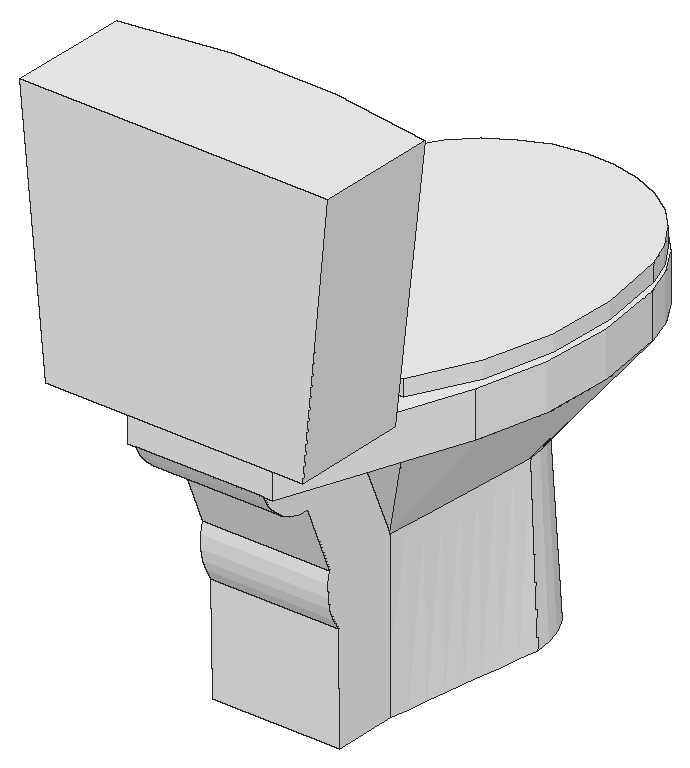
Revit family "Bacia_Com_Caixa", category Plumbing Fixtures, host Wall, Revit 2025
Family settings
  Host = Wall
  Round Connector Dimension = Use Diameter
  Part Type = Normal
  OmniClass Number = 23.45.00.00
  OmniClass Title = Sanitary, Laundry, and Cleaning Equipment
  Enable Cutting in Views = No
  Always vertical = Yes
  Cut with Voids When Loaded = No
  Maintain Annotation Orientation = No
  Shared = No
  Room Calculation Point = Yes
Parameters (values of type "Bacia_Com_Caixa")
  Versão = 1
  URL (Autor) = "N/A"
  Revisão = 0
  Desloca_Esgoto = 302 mm
  Desloca_Conexão_Agua = 150 mm
  Default Elevation = 0 mm
  Caixa = CT_Louças_Brancas
  Bacia = CT_Louças_Brancas
  Autor = "ABDI-MDIC"
  Altura_Conexão_Agua = 150 mm
Reference planes
  plane 1: y = 0
  plane 2 "Center (Left/Right)": x = 125
  plane 3 "FaceParede": y = 75
  plane 4: y = 375
Text (mm)
  text "Placement side" at (-1787.139, 592.35, 0), in view "Ref. Level"
  text "Placement side" at (0, 1827.695, 2917.686), in view "Left"
  text "Placement side" at (0, 562.268, 3853.606), in view "Right"
Dimensions and locks
  locked: plane 3 "FaceParede" to host wall
  "Altura_Conexão_Agua": level to connector elem
  "Desloca_Conexão_Agua": connector elem to plane 2 "Center (Left/Right)"
  locked: connector elem to plane 2 "Center (Left/Right)"
  "Desloca_Esgoto": connector elem to host wall
  aligned and locked: plane 1 to host wall
  aligned and locked: nested 1 to plane 2 "Center (Left/Right)"
  aligned and locked: nested 1 to level
Nested families
  nested 1: "bacia com caixa acoplada" at (125, 75, 0) x (-1, 0, 0) z (0, 1, 0), type "Bacia com Caixa Acoplada"
  nested 2: "assento" at (125, 285.625, 380) x (-1, 0, 0) z (0, 1, 0), type "Assento"
  nested 3: "caixa" at (120, 85, 380) x (-1, 0, 0) z (0, 1, 0), type "caixa"
    with Caixa CT_Louças_Brancas
Connectors
  piping at (275, 75, 150), diameter 15
    settings: on plane 3 "FaceParede", index 5, connector inside diameter 609.6 mm, connector length 0 mm, flow factor 0, pipe flow 0.0 L/s, pressure drop 0.0 Pa, fitting loss kfactor 0, connector angle 0.00°, fixture units 0, engagement length 0 mm, angle of deflection 0.00°, flow configuration 0, flow direction 0, fitting loss method 0, system type 7, joint type 0, gender type 0, connector reference index -1, connector utility 0, adjustable connector no, is connector primary yes, connector description ""
  piping at (125, 377, 0), diameter 100
    settings: index 6, connector inside diameter 609.6 mm, connector length 0 mm, flow factor 0, pipe flow 0.0 L/s, pressure drop 0.0 Pa, fitting loss kfactor 0, connector angle 0.00°, fixture units 0, engagement length 0 mm, angle of deflection 0.00°, flow configuration 0, flow direction 0, fitting loss method 0, system type 7, joint type 0, gender type 0, connector reference index -1, connector utility 0, adjustable connector no, is connector primary no, connector description ""
Definition of nested family "bacia com caixa acoplada"
  Parameters (values of type "Bacia com Caixa Acoplada")
    WFU = 0
    URL = ""
    Model = ""
    Manufacturer = ""
    Description = ""
    Default Elevation = 0 mm
    Caixa = none
    CWFU = 0
    Bacia = none
    Assembly Code = ""
  Reference planes
    plane 1 "Center (Front/Back)": y = 0
    plane 2: z = 0
    plane 3 "Center (Left/Right)": x = 0
    plane 4 "Top 1": y = 200
    plane 5: y = 0
    plane 6 "Front 2": z = 179.972
    plane 7 "Top 2": y = 380
    plane 8 "Left 1": x = -150
    plane 9 "Top 3": y = 743.012
    plane 10 "Left 2": x = -197.5
    plane 11 "Right 1": x = 197.5
    plane 12 "Front 4": z = 650
    plane 13 "Front 1": z = 10
    plane 14 "Front 3": z = 300
  Forms (mm)
    Extrusion 1, solid
      sketch origin (0, 0, 0) x (1, 0, 0) y (0, 1, 0)
        loop
          line (-360, 880) -> (-360, -168.512) -> (358.293, -168.512) -> (358.293, 880) -> (-360, 880)
      from 0 to -104.332
    Extrusion 2, solid, not visible
      sketch origin (0, 0, 0) x (1, 0, 0) y (0, 1, 0)
        loop
          circle (-150, 200) r 6.35
      from -5.491 to 0
    Blend 3, solid, material <- "Bacia"
      base sketch origin (0, 0, 67.5) x (1, 0, 0) y (0, 0, 1)
        loop
          line (-77.085, 168.189) -> (77.731, 168.189) -> (88.783, 368.189)
          arc (88.783, 368.189) -> (0, 453.826) -> (-88.783, 368.189) r 88.841
          line (-88.783, 368.189) -> (-77.085, 168.189)
      top sketch origin (0, 0, 67.5) x (1, 0, 0) y (0, 0, 1)
        loop
          line (-133.652, 115) -> (133.652, 115)
          arc (133.652, 115) -> (185.439, 274.944) -> (176.577, 442.83) r 462.076
          arc (176.577, 442.83) -> (0, 582.024) -> (-176.577, 442.83) r 181.597
          arc (-176.577, 442.83) -> (-185.439, 274.944) -> (-133.652, 115) r 462.076
      from -200 to -325
    Extrusion 4, solid, material <- "Bacia"
      sketch origin (0, 0, 65) x (1, 0, 0) y (0, 0, 1)
        loop
          line (-88.302, -21.612) -> (88.302, -21.612) -> (165.51, 190.929)
          arc (165.51, 190.929) -> (188.914, 317.352) -> (176.577, 445.33) r 462.076
          arc (176.577, 445.33) -> (0, 584.524) -> (-176.577, 445.33) r 181.597
          arc (-176.577, 445.33) -> (-188.914, 317.352) -> (-165.51, 190.929) r 462.076
          line (-165.51, 190.929) -> (-88.302, -21.612)
      from -380 to -325
    Extrusion 5, solid, material <- "Bacia"
      sketch origin (0, 0, 65) x (0, 1, 0) y (0, 0, 1)
        loop
          line (0, 95) -> (131.286, 92.337)
          arc (131.286, 92.337) -> (164.162, 78.039) -> (200, 78.98) r 82.785
          line (200, 78.98) -> (281.246, 46.155)
          arc (281.246, 46.155) -> (292.573, 5.459) -> (325, -21.612) r 71.045
          line (325, -21.612) -> (325, 117.5) -> (200, 170.689) -> (0, 170.689) -> (0, 95)
      from -77.102 to 77.652
    Blend 6, solid, material <- "Bacia"
      base sketch origin (0, 0, 65) x (1, 0, 0) y (0, 0, 1)
        loop
          line (77.731, 170.689) -> (105.192, 359.531)
          arc (105.192, 359.531) -> (0, 464.722) -> (-105.192, 359.531) r 105.192
          line (-105.192, 359.531) -> (-77.085, 170.689) -> (77.731, 170.689)
      top sketch origin (0, 0, 65) x (1, 0, 0) y (0, 0, 1)
        loop
          line (-77.085, 170.689) -> (77.731, 170.689) -> (88.783, 370.689)
          arc (88.783, 370.689) -> (0, 456.326) -> (-88.783, 370.689) r 88.841
          line (-88.783, 370.689) -> (-77.085, 170.689)
      from 0 to -200
    Extrusion 7, solid, material <- "Bacia", not visible
      sketch origin (0, 0, 0) x (1, 0, 0) y (0, 0, 1)
        loop
          circle (0, 300) r 50
      from 0 to -10.753
  Cuts and joins
    joined: Extrusion 5, Blend 6
  Lines and regions (mm)
    Masking region 1
      outline origin (0, -1000, 65) x (0, 1, 0) y (0, 0, 1)
        loop
          line (1000, 83.617) -> (1089.643, 83.617)
          arc (1089.643, 83.617) -> (1100.346, 84.44) -> (1110.798, 86.89) r 69.997
          arc (1110.798, 86.89) -> (1115.35, 88.664) -> (1119.636, 91.01) r 37.833
          arc (1119.636, 91.01) -> (1126.997, 93.148) -> (1134.358, 91.009) r 13.737
          arc (1134.358, 91.009) -> (1138.854, 87.942) -> (1143.409, 84.965) r 274.141
          arc (1143.409, 84.965) -> (1172.285, 73.876) -> (1203.192, 75.045) r 76.995
          arc (1203.192, 75.045) -> (1204.332, 75.155) -> (1205.457, 74.938) r 4
          line (1205.457, 74.938) -> (1288.231, 42.957)
          arc (1288.231, 42.957) -> (1290.404, 40.996) -> (1290.713, 38.086) r 4.094
          arc (1290.713, 38.086) -> (1301.753, -9.653) -> (1344.759, -33.135) r 59.833
          line (1344.759, -33.135) -> (1356.478, -33.712)
          arc (1356.478, -33.712) -> (1357.184, -33.799) -> (1357.869, -33.986) r 4.911
          line (1357.869, -33.986) -> (1374.738, -34.87)
          arc (1374.738, -34.87) -> (1378.138, -33.798) -> (1380, -30.759) r 5.089
          line (1380, -30.759) -> (1380, -39.352)
          arc (1380, -39.352) -> (1384.393, -49.959) -> (1395, -54.352) r 15
          line (1395, -54.352) -> (1702, -54.352)
          arc (1702, -54.352) -> (1704.179, -53.414) -> (1705.005, -51.186) r 3
          arc (1705.005, -51.186) -> (1706.055, -53.304) -> (1708.314, -54.004) r 3
          line (1708.314, -54.004) -> (1724.684, -52.283)
          arc (1724.684, -52.283) -> (1734.012, -47.625) -> (1738.102, -38.034) r 15.109
          arc (1738.102, -38.034) -> (1739.208, -14.467) -> (1739.843, 9.117) r 1181.252
          line (1739.843, 9.117) -> (1743.012, 9.117) -> (1743.012, 49.117) -> (1739.843, 49.117)
          arc (1739.843, 49.117) -> (1739.139, 74.511) -> (1737.89, 99.884) r 1181.252
          arc (1737.89, 99.884) -> (1733.758, 109.353) -> (1724.484, 113.904) r 15.001
          line (1724.484, 113.904) -> (1708.314, 115.604)
          arc (1708.314, 115.604) -> (1705.993, 114.85) -> (1705, 112.62) r 3
          line (1705, 112.62) -> (1705, 103.889)
          arc (1705, 103.889) -> (1704.137, 105.995) -> (1702.043, 106.889) r 3
          arc (1702.043, 106.889) -> (1547.993, 103.248) -> (1394.086, 95.688) r 6057.139
          arc (1394.086, 95.688) -> (1384.125, 91.563) -> (1379.999, 81.602) r 14.087
          line (1379.999, 81.602) -> (1379.999, 578.13)
          arc (1379.999, 578.13) -> (1379.603, 579.997) -> (1378.536, 581.58) r 5
          line (1378.536, 581.58) -> (1376.556, 583.561)
          arc (1376.556, 583.561) -> (1374.821, 584.679) -> (1372.782, 585) r 5
          line (1372.782, 585) -> (1327.409, 582.622)
          arc (1327.409, 582.622) -> (1325.614, 581.87) -> (1324.659, 580.175) r 3.001
          line (1324.659, 580.175) -> (1323.546, 573.864)
          arc (1323.546, 573.864) -> (1323.145, 572.811) -> (1322.384, 571.98) r 3
          line (1322.384, 571.98) -> (1315.324, 566.835)
          arc (1315.324, 566.835) -> (1270.818, 528.245) -> (1232.462, 483.537) r 400.003
          arc (1232.462, 483.537) -> (1230.577, 480.959) -> (1228.713, 478.366) r 400
          arc (1228.713, 478.366) -> (1215.458, 463.894) -> (1198.352, 454.277) r 62.136
          arc (1198.352, 454.277) -> (1181.419, 449.381) -> (1163.793, 449.455) r 61.918
          line (1163.793, 449.455) -> (1000, 468.117) -> (1000, 83.617)
    Masking region 2
      outline origin (0, 0, 179.972) x (1, 0, 0) y (0, 1, 0)
        loop
          arc (155.578, 393.059) -> (173.252, 547.202) -> (186.522, 701.786) r 5438.952
          arc (186.522, 701.786) -> (185.725, 704.044) -> (183.53, 705) r 3
          line (183.53, 705) -> (194.576, 705)
          arc (194.576, 705) -> (196.806, 705.993) -> (197.56, 708.314) r 3
          line (197.56, 708.314) -> (196.334, 719.973)
          arc (196.334, 719.973) -> (192.087, 728.948) -> (183.165, 733.303) r 15
          arc (183.165, 733.303) -> (101.636, 737.94) -> (20, 739.929) r 2516.009
          line (20, 739.929) -> (20, 743.012) -> (-20, 743.012) -> (-20, 739.931)
          arc (-20, 739.931) -> (-100.835, 737.981) -> (-181.567, 733.434) r 2516.009
          arc (-181.567, 733.434) -> (-190.989, 729.282) -> (-195.515, 720.033) r 15
          line (-195.515, 720.033) -> (-196.746, 708.314)
          arc (-196.746, 708.314) -> (-195.992, 705.993) -> (-193.763, 705) r 3
          line (-193.763, 705) -> (-184.068, 705)
          arc (-184.068, 705) -> (-186.269, 704.039) -> (-187.06, 701.772) r 3
          arc (-187.06, 701.772) -> (-173.302, 547.237) -> (-155.623, 393.102) r 6106.209
          arc (-155.623, 393.102) -> (-150.656, 383.742) -> (-140.743, 380) r 15
          line (-140.743, 380) -> (-181.066, 380)
          arc (-181.066, 380) -> (-182.779, 379.528) -> (-184.255, 378.539) r 5.554
          arc (-184.255, 378.539) -> (-185.234, 377.558) -> (-186.224, 376.57) r 593.562
          arc (-186.224, 376.57) -> (-187.365, 374.817) -> (-187.689, 372.75) r 5
          line (-187.689, 372.75) -> (-185.312, 327.406)
          arc (-185.312, 327.406) -> (-184.568, 325.61) -> (-182.879, 324.648) r 3
          arc (-182.879, 324.648) -> (-179.83, 324.105) -> (-176.794, 323.579) r 669.748
          arc (-176.794, 323.579) -> (-175.543, 323.054) -> (-174.651, 322.031) r 3
          arc (-174.651, 322.031) -> (-139.574, 267.717) -> (-96.715, 219.306) r 428.02
          arc (-96.715, 219.306) -> (-80.783, 194.863) -> (-76.267, 166.037) r 69.615
          line (-76.267, 166.037) -> (-95.192, 0) -> (95, 0) -> (76.075, 166.037)
          arc (76.075, 166.037) -> (80.59, 194.863) -> (96.523, 219.306) r 69.615
          arc (96.523, 219.306) -> (139.381, 267.717) -> (174.458, 322.031) r 428.02
          arc (174.458, 322.031) -> (175.35, 323.054) -> (176.602, 323.579) r 3
          arc (176.602, 323.579) -> (179.637, 324.105) -> (182.686, 324.648) r 669.748
          arc (182.686, 324.648) -> (184.375, 325.61) -> (185.12, 327.406) r 3
          line (185.12, 327.406) -> (187.496, 372.75)
          arc (187.496, 372.75) -> (187.172, 374.817) -> (186.031, 376.57) r 5
          arc (186.031, 376.57) -> (185.041, 377.558) -> (184.063, 378.539) r 593.562
          arc (184.063, 378.539) -> (182.587, 379.528) -> (180.874, 380) r 5.554
          line (180.874, 380) -> (140.551, 380)
          arc (140.551, 380) -> (150.455, 383.735) -> (155.427, 393.079) r 15
    Masking region 3
      outline origin (0, 200, 0) x (0, 0, 1) y (-1, 0, 0)
        loop
          arc (10.001, -162.6) -> (20.174, -187.163) -> (44.735, -197.342) r 34.742
          line (44.735, -197.342) -> (111.137, -197.358)
          arc (111.137, -197.358) -> (144.424, -185.807) -> (163.387, -156.111) r 53.701
          arc (163.387, -156.111) -> (164.716, -148.856) -> (165.981, -141.591) r 832.903
          line (165.981, -141.591) -> (328.613, -176.787)
          arc (328.613, -176.787) -> (354.757, -181.877) -> (381.09, -185.875) r 639.802
          arc (381.09, -185.875) -> (477.704, -184.405) -> (570.981, -159.188) r 389.344
          arc (570.981, -159.188) -> (592.976, -144.656) -> (610.428, -124.897) r 100.358
          arc (610.428, -124.897) -> (648.272, -3.946) -> (614.002, 118.066) r 222.696
          arc (614.002, 118.066) -> (595.485, 141.292) -> (570.981, 158.081) r 100.358
          arc (570.981, 158.081) -> (477.704, 183.298) -> (381.09, 184.768) r 389.344
          arc (381.09, 184.768) -> (354.757, 180.77) -> (328.613, 175.68) r 639.802
          line (328.613, 175.68) -> (165.811, 140.447)
          arc (165.811, 140.447) -> (164.24, 149.417) -> (162.571, 158.37) r 832.903
          arc (162.571, 158.37) -> (143.253, 186.404) -> (110.961, 197.189) r 53.701
          line (110.961, 197.189) -> (44.735, 197.173)
          arc (44.735, 197.173) -> (20.174, 186.994) -> (10.001, 162.43) r 34.742
          line (10.001, 162.43) -> (10.001, -162.6)
    symbolic lines
      curve 1: line (0, 380, 145.716) -> (0, 380, 35.648)
      curve 2: line (0, 705, 168.98) -> (0, 705, 13.98)
      curve 3: line (0, 67.98, 370.59) -> (0, 21.584, 366.557)
      curve 4: line (0, 35.078, 363.574) -> (0, 35.078, 354.298)
      curve 5: line (0, 290.808, 104.72) -> (0, 332.644, 241.559)
      curve 6: line (0, 362.026, 192.741) -> (0, 362.795, 91.146)
      curve 7: line (0, 327.452, 647.625) -> (0, 327.452, 332.625)
      curve 8: line (0, 739.843, 114.117) -> (0, 739.843, 74.117)
      curve 9: arc (0, 332.644, 241.559) -> (0, 331.92, 244.323) -> (0, 329.57, 245.95) r 4.115
      curve 10: line (0, 329.57, 245.95) -> (0, 324.5, 247.29)
      curve 11: arc (0, 324.5, 247.29) -> (0, 323.385, 247.738) -> (0, 322.415, 248.446) r 4.863
      curve 12: arc (0, 322.415, 248.446) -> (0, 278.084, 285.069) -> (0, 231.824, 319.223) r 1055.536
      curve 13: arc (0, 172.233, 360.523) -> (0, 149.558, 372.954) -> (0, 124.198, 378.007) r 85.159
      curve 14: line (0, 172.233, 360.523) -> (0, 231.824, 319.223)
      curve 15: arc (0, 35.078, 363.574) -> (0, 35.921, 366.558) -> (0, 38.646, 368.04) r 3.996
      curve 16: arc (0, 39.048, 354.298) -> (0, 68.923, 337.403) -> (0, 83.693, 306.422) r 57.033
      curve 17: arc (0, 83.693, 306.422) -> (0, 88.997, 266.802) -> (0, 91.227, 226.89) r 517.582
      curve 18: arc (0, 91.227, 226.89) -> (0, 91.519, 226.553) -> (0, 91.961, 226.5) r 0.618
      curve 19: arc (0, 91.961, 226.5) -> (0, 94.283, 227.599) -> (0, 96.482, 228.928) r 25.33
      curve 20: arc (0, 96.482, 228.928) -> (0, 110.983, 234.835) -> (0, 126.519, 236.774) r 59.786
      curve 21: arc (0, 108.217, 287.466) -> (0, 81.424, 325.834) -> (0, 67.661, 370.562) r 151.049
      curve 22: arc (0, 108.217, 287.466) -> (0, 146.335, 251.375) -> (0, 187.712, 219.07) r 551.591
      curve 23: arc (0, 183.779, 215.042) -> (0, 167.805, 225.909) -> (0, 150.062, 233.55) r 101.468
      curve 24: arc (0, 150.062, 233.55) -> (0, 138.379, 235.811) -> (0, 126.519, 236.774) r 108.093
      curve 25: line (0, 35.078, 354.298) -> (0, 39.048, 354.298)
      curve 26: arc (0, 21.584, 366.557) -> (0, 21.468, 262.774) -> (0, 25.206, 159.06) r 2793.795
      curve 27: arc (0, 25.206, 159.06) -> (0, 28.176, 151.89) -> (0, 35.345, 148.921) r 10.139
      curve 28: line (0, 149.141, 373.105) -> (0, 148.186, 369.539)
      curve 29: arc (0, 148.186, 369.539) -> (0, 157.446, 352.651) -> (0, 171.592, 339.58) r 59.834
      curve 30: arc (0, 171.592, 339.58) -> (0, 200.888, 313.864) -> (0, 228.928, 286.785) r 820.105
      curve 31: arc (0, 228.928, 286.785) -> (0, 251.391, 256.777) -> (0, 264.935, 221.825) r 137.775
      curve 32: arc (0, 264.935, 221.825) -> (0, 251.084, 169.341) -> (0, 205.457, 139.938) r 75.021
      curve 33: arc (0, 344.986, 193.479) -> (0, 340.623, 189.117) -> (0, 344.986, 184.754) r 4.363
      curve 34: arc (0, 359.127, 193.479) -> (0, 360.614, 193.259) -> (0, 362.026, 192.741) r 7.362
      curve 35: arc (0, 359.288, 184.754) -> (0, 360.715, 184.98) -> (0, 362.081, 185.453) r 8.233
      curve 36: arc (0, 359.589, 128.5) -> (0, 361.12, 128.206) -> (0, 362.52, 127.519) r 5.872
      curve 37: arc (0, 359.743, 119.733) -> (0, 361.212, 120.036) -> (0, 362.572, 120.67) r 6.435
      curve 38: arc (0, 337.699, 128.5) -> (0, 332.849, 124.117) -> (0, 337.699, 119.733) r 4.406
      curve 39: arc (0, 362.795, 91.146) -> (0, 362.747, 63.394) -> (0, 362.181, 35.648) r 1489.012
      curve 40: arc (0, 362.181, 35.648) -> (0, 363.556, 32.329) -> (0, 366.876, 30.954) r 4.694
      curve 41: arc (0, 67.98, 370.59) -> (0, 69.846, 371.851) -> (0, 72.01, 372.47) r 7.164
      curve 42: arc (0, 72.01, 372.47) -> (0, 98.011, 376.113) -> (0, 124.198, 378.007) r 391.839
      curve 43: line (0, 359.127, 193.479) -> (0, 344.986, 193.479)
      curve 44: line (0, 344.986, 184.754) -> (0, 359.288, 184.754)
      curve 45: line (0, 359.589, 128.5) -> (0, 337.699, 128.5)
      curve 46: line (0, 359.743, 119.733) -> (0, 337.699, 119.733)
      curve 47: arc (0, 189.587, 216.64) -> (0, 188.8, 214.74) -> (0, 186.899, 213.952) r 2.688
      curve 48: arc (0, 187.712, 219.07) -> (0, 188.832, 217.996) -> (0, 189.587, 216.64) r 5.221
      curve 49: arc (0, 183.779, 215.042) -> (0, 185.247, 214.233) -> (0, 186.899, 213.952) r 5.012
      curve 50: circle (-0.065, 0, 93.469) r 18 normal (0, -1, 0)
      curve 51: circle (-0.065, 0, 93.469) r 20 normal (0, -1, 0)
      curve 52: circle (-0.065, 0, 93.469) r 17 normal (0, -1, 0)
      curve 53: line (183.53, 705, 0) -> (-184.068, 705, 0)
      curve 54: arc (-20, 739.931, 0) -> (0.018, 739.844, 0) -> (20.035, 739.931, 0) r 2298.24
      curve 55: line (140.704, 380, 0) -> (-140.743, 380, 0)
      curve 56: line (-182.878, 324.647, 0) -> (182.648, 324.647, 0)
      curve 57: arc (-141.21, 0, 165.733) -> (0, 0, 177.708) -> (141.233, 0, 165.997) r 847.858
  Dimensions and locks
    plane 9 "Top 3" to plane 7 "Top 2" to plane 5 = 363.012 mm, 380 mm
    plane 12 "Front 4" to plane 13 "Front 1" to level = 640 mm, 10 mm  (x2)
    plane 6 "Front 2" to plane 13 "Front 1" = 169.972 mm  (x2)
    plane 5 to plane 7 "Top 2" = 380 mm
    plane 10 "Left 2" to plane 11 "Right 1" = 395 mm  (x2)
    plane 7 "Top 2" to plane 9 "Top 3" = 363.012 mm
    plane 5 to plane 9 "Top 3" = 743.012 mm
    plane 9 "Top 3" to plane 1 "Center (Front/Back)" = 743.012 mm
    aligned and locked: Extrusion 1 to plane 2
    aligned and locked: level to Extrusion 1
  Nested families
    nested 1: "assento" at (0, 380, 210.625), type "Assento"
    nested 2: "caixa" at (5, 380, 10), Caixa <- "Caixa", type "caixa"
      with Caixa none
  Connectors
    piping at (-150, 200, 0), diameter 15, driven by "CWFU"
      settings: on Extrusion 2, index 2, connector inside diameter 15 mm, connector length 0 mm, flow factor 0, pipe flow 0.0 L/s, pressure drop 0.0 Pa, fitting loss kfactor 0, connector angle 0.00°, fixture units 0, engagement length 0 mm, angle of deflection 0.00°, flow configuration 3, flow direction 1, fitting loss method 4, system type 20, joint type 0, gender type 0, connector reference index -1, connector utility 0, adjustable connector no, is connector primary yes, connector description ""
    piping at (0, 0, 300), diameter 100, driven by "WFU"
      settings: on Extrusion 7, index 3, connector inside diameter 100 mm, connector length 0 mm, flow factor 0, pipe flow 0.0 L/s, pressure drop 0.0 Pa, fitting loss kfactor 0, connector angle 0.00°, fixture units 0, engagement length 0 mm, angle of deflection 0.00°, flow configuration 3, flow direction 2, fitting loss method 0, system type 16, joint type 0, gender type 0, connector reference index -1, connector utility 0, adjustable connector no, is connector primary no, connector description ""
  Definition of nested family "assento"
    Parameters (values of type "Assento")
      URL = ""
      Model = ""
      Manufacturer = ""
      Description = ""
      Default Elevation = 0 mm
      Atendimento ao Cliente = ""
      Assento = none
      Assembly Code = ""
    Reference planes
      plane 1 "Center (Front/Back)": y = 0
      plane 2: z = 0
      plane 3 "Center (Left/Right)": x = 0
    Forms (mm)
      Extrusion 1, solid, material <- "Assento"
        sketch origin (0, -382.238, -138.906) x (1, 0, 0) y (0, 0, 1)
          loop
            arc (122.54, 128.75) -> (178.722, 285.53) -> (167.395, 451.687) r 406.949
            arc (167.395, 451.687) -> (0, 578.5) -> (-167.395, 451.687) r 173.889
            arc (-167.395, 451.687) -> (-178.722, 285.53) -> (-122.54, 128.75) r 406.949
            line (-122.54, 128.75) -> (122.54, 128.75)
        from -403.303 to -383.023
    Lines and regions (mm)
      Masking region 1
        outline origin (0, 0, -15) x (1, 0, 0) y (0, 0, 1)
          loop
            line (-64.536, 11.325) -> (64.536, 11.325)
            arc (64.536, 11.325) -> (75.729, 4.831) -> (86.677, 11.731) r 12.5
            arc (86.677, 11.731) -> (105.018, 20.204) -> (120.903, 32.687) r 86.806
            arc (120.903, 32.687) -> (162.46, 91.144) -> (182.124, 160.118) r 211.806
            arc (182.124, 160.118) -> (185.468, 223.611) -> (181.892, 287.09) r 584.258
            arc (181.892, 287.09) -> (174.182, 328.068) -> (160.412, 367.425) r 277.171
            arc (160.412, 367.425) -> (118.628, 421.425) -> (56.253, 449.197) r 139.805
            arc (56.253, 449.197) -> (28.23, 452.896) -> (0, 454.32) r 349.806
            arc (0, 454.32) -> (-28.23, 452.896) -> (-56.253, 449.197) r 349.806
            arc (-56.253, 449.197) -> (-118.628, 421.425) -> (-160.412, 367.425) r 139.805
            arc (-160.412, 367.425) -> (-174.182, 328.068) -> (-181.892, 287.09) r 277.171
            arc (-181.892, 287.09) -> (-185.468, 223.611) -> (-182.124, 160.118) r 584.258
            arc (-182.124, 160.118) -> (-162.46, 91.144) -> (-120.903, 32.687) r 211.806
            arc (-120.903, 32.687) -> (-105.018, 20.204) -> (-86.677, 11.731) r 86.806
            arc (-86.677, 11.731) -> (-75.729, 4.831) -> (-64.536, 11.325) r 12.5
      Masking region 2
        outline origin (0, -749.901, -215.894) x (0, 0, -1) y (0, 1, 0)
          loop
            arc (-637.514, 782.849) -> (-641.802, 780.516) -> (-643.523, 775.948) r 7
            line (-643.523, 775.948) -> (-643.523, 775.078)
            arc (-643.523, 775.078) -> (-634.644, 773.972) -> (-625.708, 773.519) r 122.142
            arc (-625.708, 773.519) -> (-634.469, 772.879) -> (-643.132, 771.425) r 94.053
            arc (-643.132, 771.425) -> (-651.24, 766.629) -> (-654.864, 757.932) r 14.925
            line (-654.864, 757.932) -> (-655.275, 751.216)
            arc (-655.275, 751.216) -> (-655.14, 750.843) -> (-654.776, 750.685) r 0.5
            line (-654.776, 750.685) -> (-230.784, 750.685) -> (-230.784, 749.901) -> (-205.784, 749.901) -> (-205.784, 751.067)
            arc (-205.784, 751.067) -> (-208.448, 752.689) -> (-211.319, 753.909) r 21.531
            arc (-211.319, 753.909) -> (-212.239, 754.201) -> (-213.17, 754.451) r 21.531
            arc (-213.17, 754.451) -> (-212.039, 764.695) -> (-216.269, 774.093) r 19.571
            arc (-216.269, 774.093) -> (-217.677, 777.888) -> (-219.284, 781.604) r 76.149
            line (-219.284, 781.604) -> (-219.284, 784.36)
            arc (-219.284, 784.36) -> (-221.091, 789.053) -> (-225.579, 791.324) r 7
            arc (-225.579, 791.324) -> (-431.804, 799.612) -> (-637.514, 782.849) r 1700
      Masking region 3
        outline origin (0, 0.785, 462.18) x (-1, 0, 0) y (0, -1, 0)
          loop
            arc (184.938, 0) -> (185.304, -0.159) -> (185.438, -0.536) r 0.5
            line (185.438, -0.536) -> (184.841, -10.285)
            arc (184.841, -10.285) -> (181.982, -18.184) -> (175.298, -23.274) r 14.876
            arc (175.298, -23.274) -> (175.737, -23.351) -> (176.132, -23.559) r 1.448
            line (176.132, -23.559) -> (176.132, -28.392)
            arc (176.132, -28.392) -> (174.144, -33.163) -> (169.577, -35.582) r 7.652
            arc (169.577, -35.582) -> (114.891, -42.405) -> (59.992, -47.215) r 1500.329
            arc (59.992, -47.215) -> (-0.031, -49.287) -> (-60.054, -47.215) r 870.329
            arc (-60.054, -47.215) -> (-114.953, -42.405) -> (-169.638, -35.582) r 1500.329
            arc (-169.638, -35.582) -> (-174.206, -33.163) -> (-176.194, -28.392) r 7.652
            line (-176.194, -28.392) -> (-176.194, -23.559)
            arc (-176.194, -23.559) -> (-175.799, -23.351) -> (-175.36, -23.274) r 1.448
            arc (-175.36, -23.274) -> (-182.043, -18.184) -> (-184.903, -10.285) r 14.876
            line (-184.903, -10.285) -> (-185.499, -0.536)
            arc (-185.499, -0.536) -> (-185.366, -0.159) -> (-185, 0) r 0.5
            line (-185, 0) -> (185, 0)
      symbolic lines
        curve 1: arc (-114.489, 0, 22.69) -> (-154.617, 0, 79.481) -> (-173.11, 0, 146.516) r 202
        curve 2: arc (-172.646, 0, 269.059) -> (-167.129, 0, 300.958) -> (-157.796, 0, 331.956) r 267.358
        curve 3: arc (-54.957, 0, 422.606) -> (-27.579, 0, 426.204) -> (0, 0, 427.569) r 340
        curve 4: arc (-81.624, 0, 3.329) -> (-99.274, 0, 10.942) -> (-114.489, 0, 22.69) r 77
        curve 5: arc (-172.646, 0, 269.059) -> (-176.157, 0, 207.8) -> (-173.11, 0, 146.516) r 574.133
        curve 6: arc (-157.796, 0, 331.956) -> (-119.194, 0, 391.822) -> (-54.957, 0, 422.606) r 130.885
        curve 7: arc (114.489, 0, 22.69) -> (154.617, 0, 79.481) -> (173.11, 0, 146.516) r 202
        curve 8: arc (172.646, 0, 269.059) -> (167.129, 0, 300.958) -> (157.796, 0, 331.956) r 267.358
        curve 9: arc (54.957, 0, 422.606) -> (27.579, 0, 426.204) -> (0, 0, 427.569) r 340
        curve 10: line (-81.624, 0, 3.329) -> (81.624, 0, 3.329)
        curve 11: arc (81.624, 0, 3.329) -> (99.274, 0, 10.942) -> (114.489, 0, 22.69) r 77
        curve 12: arc (172.646, 0, 269.059) -> (176.157, 0, 207.8) -> (173.11, 0, 146.516) r 574.133
        curve 13: arc (157.796, 0, 331.956) -> (119.194, 0, 391.822) -> (54.957, 0, 422.606) r 130.885
        curve 14: line (-64.536, 0, -3.675) -> (-86.677, 0, -3.269)
        curve 15: line (64.536, 0, -3.675) -> (86.677, 0, -3.269)
        curve 16: line (-60.5, 0, -2.982) -> (-60.5, 0, 3.329)
        curve 17: line (-50.5, 0, -2.982) -> (-50.5, 0, 3.329)
        curve 18: line (-50.5, 0, -2.982) -> (-60.5, 0, -2.982)
        curve 19: line (60.5, 0, -2.982) -> (60.5, 0, 3.329)
        curve 20: line (50.5, 0, -2.982) -> (50.5, 0, 3.329)
        curve 21: line (50.5, 0, -2.982) -> (60.5, 0, -2.982)
        curve 22: line (0, 31.703, 3.39) -> (0, 27.984, 3.39)
        curve 23: line (0, 1.166, -10.11) -> (0, 1.166, -2.09)
        curve 24: line (0, 4.613, -2.74) -> (0, 1.166, -2.09)
        curve 25: arc (0, 1.166, -2.09) -> (0, 0.823, -1.812) -> (0, 0.785, -1.373) r 0.566
        curve 26: line (0, 0.785, -1.373) -> (0, 0.785, 14.89)
        curve 27: line (-58.867, 31.731, 0) -> (-59.992, 47.999, 0)
        curve 28: line (60.054, 47.999, 0) -> (58.929, 31.731, 0)
        curve 70: line (0, 23.618, 409.814) -> (0, 27.984, 3.39)
        curve 71: arc (-168.875, 36.232, 0) -> (-114.038, 29.906, 0) -> (-58.867, 31.731, 0) r 373.492
        curve 72: arc (-58.867, 31.731, 0) -> (0.031, 33.412, 0) -> (58.929, 31.731, 0) r 1032.662
        curve 73: arc (168.875, 36.232, 0) -> (114.038, 29.906, 0) -> (58.867, 31.731, 0) r 373.492
        curve 74: line (-175.298, 24.058, 0) -> (175.36, 24.058, 0)
      symbolic lines, not visible
        curve 29: arc (44.697, 0, 382.209) -> (-0.045, 0, 391.224) -> (-44.787, 0, 382.209) r 115.534
        curve 30: arc (44.697, 0, 382.209) -> (85.799, 0, 355.191) -> (116.965, 0, 317.138) r 162.927
        curve 31: arc (116.965, 0, 317.138) -> (133.516, 0, 279.644) -> (140.761, 0, 239.304) r 172.615
        curve 32: arc (140.761, 0, 239.304) -> (141.939, 0, 198.796) -> (136.533, 0, 158.634) r 249.132
        curve 33: arc (136.533, 0, 158.634) -> (103.148, 0, 97.844) -> (44.834, 0, 60.299) r 141.123
        curve 34: arc (44.834, 0, 60.299) -> (24.979, 0, 55.206) -> (4.596, 0, 53.042) r 141.152
        curve 35: arc (-44.787, 0, 382.209) -> (-85.889, 0, 355.191) -> (-117.055, 0, 317.138) r 162.927
        curve 36: arc (-117.055, 0, 317.138) -> (-133.606, 0, 279.644) -> (-140.851, 0, 239.304) r 172.615
        curve 37: arc (-140.851, 0, 239.304) -> (-142.029, 0, 198.796) -> (-136.624, 0, 158.634) r 249.132
        curve 38: arc (-136.624, 0, 158.634) -> (-84.536, 0, 81.067) -> (4.596, 0, 53.042) r 141.123
        curve 39: arc (-46.358, 0, 373.331) -> (-0.045, 0, 383.919) -> (46.267, 0, 373.331) r 106.583
        curve 40: arc (46.267, 0, 373.331) -> (82.734, 0, 347.913) -> (109.41, 0, 312.355) r 140.184
        curve 41: arc (109.41, 0, 312.355) -> (124.152, 0, 274.245) -> (129.791, 0, 233.773) r 177.563
        curve 42: arc (46.157, 0, 77.727) -> (-0.045, 0, 69.166) -> (-46.247, 0, 77.727) r 128.947
        curve 43: arc (46.157, 0, 77.727) -> (100.175, 0, 116.954) -> (127.364, 0, 177.925) r 129.049
        curve 44: arc (129.791, 0, 233.773) -> (129.844, 0, 205.794) -> (127.364, 0, 177.925) r 308.71
        curve 45: arc (-46.358, 0, 373.331) -> (-82.825, 0, 347.913) -> (-109.5, 0, 312.355) r 140.184
        curve 46: arc (-109.5, 0, 312.355) -> (-124.242, 0, 274.245) -> (-129.882, 0, 233.773) r 177.563
        curve 47: arc (-46.247, 0, 77.727) -> (-100.265, 0, 116.954) -> (-127.454, 0, 177.925) r 129.049
        curve 48: arc (-129.882, 0, 233.773) -> (-129.935, 0, 205.794) -> (-127.454, 0, 177.925) r 308.71
        curve 49: arc (-67.045, 0, 1.892) -> (-75.045, 0, 9.892) -> (-83.045, 0, 1.892) r 8
        curve 50: arc (-83.045, 0, 1.892) -> (-75.045, 0, -6.108) -> (-67.045, 0, 1.892) r 8
        curve 51: arc (82.955, 0, 1.892) -> (74.955, 0, 9.892) -> (66.955, 0, 1.892) r 8
        curve 52: arc (66.955, 0, 1.892) -> (74.955, 0, -6.108) -> (82.955, 0, 1.892) r 8
        curve 53: arc (-51.868, 0, 255.807) -> (-47.006, 0, 264.646) -> (-39.146, 0, 270.969) r 26.001
        curve 54: arc (-39.146, 0, 270.969) -> (0.144, 0, 276.388) -> (39.4, 0, 270.734) r 142.065
        curve 55: arc (50.717, 0, 258.373) -> (46.081, 0, 265.49) -> (39.4, 0, 270.734) r 26.001
        curve 56: arc (-51.868, 0, 255.807) -> (-54.895, 0, 225.605) -> (-56.101, 0, 195.276) r 504.587
        curve 57: arc (50.717, 0, 258.373) -> (53.994, 0, 226.896) -> (55.291, 0, 195.276) r 504.587
        curve 58: arc (-56.101, 0, 195.276) -> (-52.773, 0, 185.058) -> (-43.946, 0, 178.93) r 16.85
        curve 59: arc (55.291, 0, 195.276) -> (50.504, 0, 183.717) -> (38.946, 0, 178.93) r 16.346
        curve 60: arc (38.946, 0, 178.93) -> (-2.5, 0, 173.627) -> (-43.946, 0, 178.93) r 164.605
        curve 61: arc (-141.21, 0, -44.892) -> (0, 0, -32.917) -> (141.233, 0, -44.628) r 847.858
        curve 62: arc (-174.441, 0, 159.838) -> (-176.673, 0, 236.825) -> (-161.106, 0, 312.254) r 332.01
        curve 63: arc (-161.106, 0, 312.254) -> (-99.257, 0, 396.882) -> (0.341, 0, 429.552) r 171.079
        curve 64: arc (176.474, 0, 170.218) -> (176.857, 0, 242.035) -> (161.788, 0, 312.254) r 332.01
        curve 65: arc (161.788, 0, 312.254) -> (99.939, 0, 396.882) -> (0.341, 0, 429.552) r 171.079
        curve 66: line (161.273, 0, 92.593) -> (131.783, 0, -43.345)
        curve 67: line (-161.273, 0, 92.593) -> (-131.783, 0, -43.345)
        curve 68: line (-161.273, 0, 92.593) -> (-174.441, 0, 159.838)
        curve 69: line (161.273, 0, 92.593) -> (176.474, 0, 170.218)
  Definition of nested family "caixa"
    Parameters (values of type "caixa")
      URL = ""
      Model = ""
      Manufacturer = ""
      Description = ""
      Default Elevation = 0 mm
      Caixa [instance] = none
      Assembly Code = ""
    Reference planes
      plane 1 "Center (Front/Back)": y = 0
      plane 2: z = 0
      plane 3 "Center (Left/Right)": x = 0
    Forms (mm)
      Blend 1, solid, material <- "Caixa"
        base sketch origin (0, 0, 0) x (1, 0, 0) y (0, 0, -1)
          loop
            line (-187.263, 0) -> (-187.263, -146.391)
            arc (-187.263, -146.391) -> (0, -167.499) -> (187.263, -146.391) r 841.243
            line (187.263, -146.391) -> (187.263, 0) -> (-187.263, 0)
        top sketch origin (0, 0, 0) x (1, 0, 0) y (0, 0, -1)
          loop
            line (-156.041, 0) -> (-156.041, -140.537)
            arc (-156.041, -140.537) -> (0, -155.775) -> (156.041, -140.537) r 806.594
            line (156.041, -140.537) -> (156.041, 0) -> (-156.041, 0)
        from 320 to 0
Definition of nested family "assento"
  Parameters (values of type "Assento")
    URL = ""
    Model = ""
    Manufacturer = ""
    Description = ""
    Default Elevation = 0 mm
    Atendimento ao Cliente = ""
    Assento = none
    Assembly Code = ""
  Reference planes
    plane 1 "Center (Front/Back)": y = 0
    plane 2: z = 0
    plane 3 "Center (Left/Right)": x = 0
  Forms (mm)
    Extrusion 1, solid, material <- "Assento"
      sketch origin (0, -382.238, -138.906) x (1, 0, 0) y (0, 0, 1)
        loop
          arc (122.54, 128.75) -> (178.722, 285.53) -> (167.395, 451.687) r 406.949
          arc (167.395, 451.687) -> (0, 578.5) -> (-167.395, 451.687) r 173.889
          arc (-167.395, 451.687) -> (-178.722, 285.53) -> (-122.54, 128.75) r 406.949
          line (-122.54, 128.75) -> (122.54, 128.75)
      from -403.303 to -383.023
  Lines and regions (mm)
    Masking region 1
      outline origin (0, 0, -15) x (1, 0, 0) y (0, 0, 1)
        loop
          line (-64.536, 11.325) -> (64.536, 11.325)
          arc (64.536, 11.325) -> (75.729, 4.831) -> (86.677, 11.731) r 12.5
          arc (86.677, 11.731) -> (105.018, 20.204) -> (120.903, 32.687) r 86.806
          arc (120.903, 32.687) -> (162.46, 91.144) -> (182.124, 160.118) r 211.806
          arc (182.124, 160.118) -> (185.468, 223.611) -> (181.892, 287.09) r 584.258
          arc (181.892, 287.09) -> (174.182, 328.068) -> (160.412, 367.425) r 277.171
          arc (160.412, 367.425) -> (118.628, 421.425) -> (56.253, 449.197) r 139.805
          arc (56.253, 449.197) -> (28.23, 452.896) -> (0, 454.32) r 349.806
          arc (0, 454.32) -> (-28.23, 452.896) -> (-56.253, 449.197) r 349.806
          arc (-56.253, 449.197) -> (-118.628, 421.425) -> (-160.412, 367.425) r 139.805
          arc (-160.412, 367.425) -> (-174.182, 328.068) -> (-181.892, 287.09) r 277.171
          arc (-181.892, 287.09) -> (-185.468, 223.611) -> (-182.124, 160.118) r 584.258
          arc (-182.124, 160.118) -> (-162.46, 91.144) -> (-120.903, 32.687) r 211.806
          arc (-120.903, 32.687) -> (-105.018, 20.204) -> (-86.677, 11.731) r 86.806
          arc (-86.677, 11.731) -> (-75.729, 4.831) -> (-64.536, 11.325) r 12.5
    Masking region 2
      outline origin (0, -749.901, -215.894) x (0, 0, -1) y (0, 1, 0)
        loop
          arc (-637.514, 782.849) -> (-641.802, 780.516) -> (-643.523, 775.948) r 7
          line (-643.523, 775.948) -> (-643.523, 775.078)
          arc (-643.523, 775.078) -> (-634.644, 773.972) -> (-625.708, 773.519) r 122.142
          arc (-625.708, 773.519) -> (-634.469, 772.879) -> (-643.132, 771.425) r 94.053
          arc (-643.132, 771.425) -> (-651.24, 766.629) -> (-654.864, 757.932) r 14.925
          line (-654.864, 757.932) -> (-655.275, 751.216)
          arc (-655.275, 751.216) -> (-655.14, 750.843) -> (-654.776, 750.685) r 0.5
          line (-654.776, 750.685) -> (-230.784, 750.685) -> (-230.784, 749.901) -> (-205.784, 749.901) -> (-205.784, 751.067)
          arc (-205.784, 751.067) -> (-208.448, 752.689) -> (-211.319, 753.909) r 21.531
          arc (-211.319, 753.909) -> (-212.239, 754.201) -> (-213.17, 754.451) r 21.531
          arc (-213.17, 754.451) -> (-212.039, 764.695) -> (-216.269, 774.093) r 19.571
          arc (-216.269, 774.093) -> (-217.677, 777.888) -> (-219.284, 781.604) r 76.149
          line (-219.284, 781.604) -> (-219.284, 784.36)
          arc (-219.284, 784.36) -> (-221.091, 789.053) -> (-225.579, 791.324) r 7
          arc (-225.579, 791.324) -> (-431.804, 799.612) -> (-637.514, 782.849) r 1700
    Masking region 3
      outline origin (0, 0.785, 462.18) x (-1, 0, 0) y (0, -1, 0)
        loop
          arc (184.938, 0) -> (185.304, -0.159) -> (185.438, -0.536) r 0.5
          line (185.438, -0.536) -> (184.841, -10.285)
          arc (184.841, -10.285) -> (181.982, -18.184) -> (175.298, -23.274) r 14.876
          arc (175.298, -23.274) -> (175.737, -23.351) -> (176.132, -23.559) r 1.448
          line (176.132, -23.559) -> (176.132, -28.392)
          arc (176.132, -28.392) -> (174.144, -33.163) -> (169.577, -35.582) r 7.652
          arc (169.577, -35.582) -> (114.891, -42.405) -> (59.992, -47.215) r 1500.329
          arc (59.992, -47.215) -> (-0.031, -49.287) -> (-60.054, -47.215) r 870.329
          arc (-60.054, -47.215) -> (-114.953, -42.405) -> (-169.638, -35.582) r 1500.329
          arc (-169.638, -35.582) -> (-174.206, -33.163) -> (-176.194, -28.392) r 7.652
          line (-176.194, -28.392) -> (-176.194, -23.559)
          arc (-176.194, -23.559) -> (-175.799, -23.351) -> (-175.36, -23.274) r 1.448
          arc (-175.36, -23.274) -> (-182.043, -18.184) -> (-184.903, -10.285) r 14.876
          line (-184.903, -10.285) -> (-185.499, -0.536)
          arc (-185.499, -0.536) -> (-185.366, -0.159) -> (-185, 0) r 0.5
          line (-185, 0) -> (185, 0)
    symbolic lines
      curve 1: arc (-114.489, 0, 22.69) -> (-154.617, 0, 79.481) -> (-173.11, 0, 146.516) r 202
      curve 2: arc (-172.646, 0, 269.059) -> (-167.129, 0, 300.958) -> (-157.796, 0, 331.956) r 267.358
      curve 3: arc (-54.957, 0, 422.606) -> (-27.579, 0, 426.204) -> (0, 0, 427.569) r 340
      curve 4: arc (-81.624, 0, 3.329) -> (-99.274, 0, 10.942) -> (-114.489, 0, 22.69) r 77
      curve 5: arc (-172.646, 0, 269.059) -> (-176.157, 0, 207.8) -> (-173.11, 0, 146.516) r 574.133
      curve 6: arc (-157.796, 0, 331.956) -> (-119.194, 0, 391.822) -> (-54.957, 0, 422.606) r 130.885
      curve 7: arc (114.489, 0, 22.69) -> (154.617, 0, 79.481) -> (173.11, 0, 146.516) r 202
      curve 8: arc (172.646, 0, 269.059) -> (167.129, 0, 300.958) -> (157.796, 0, 331.956) r 267.358
      curve 9: arc (54.957, 0, 422.606) -> (27.579, 0, 426.204) -> (0, 0, 427.569) r 340
      curve 10: line (-81.624, 0, 3.329) -> (81.624, 0, 3.329)
      curve 11: arc (81.624, 0, 3.329) -> (99.274, 0, 10.942) -> (114.489, 0, 22.69) r 77
      curve 12: arc (172.646, 0, 269.059) -> (176.157, 0, 207.8) -> (173.11, 0, 146.516) r 574.133
      curve 13: arc (157.796, 0, 331.956) -> (119.194, 0, 391.822) -> (54.957, 0, 422.606) r 130.885
      curve 14: line (-64.536, 0, -3.675) -> (-86.677, 0, -3.269)
      curve 15: line (64.536, 0, -3.675) -> (86.677, 0, -3.269)
      curve 16: line (-60.5, 0, -2.982) -> (-60.5, 0, 3.329)
      curve 17: line (-50.5, 0, -2.982) -> (-50.5, 0, 3.329)
      curve 18: line (-50.5, 0, -2.982) -> (-60.5, 0, -2.982)
      curve 19: line (60.5, 0, -2.982) -> (60.5, 0, 3.329)
      curve 20: line (50.5, 0, -2.982) -> (50.5, 0, 3.329)
      curve 21: line (50.5, 0, -2.982) -> (60.5, 0, -2.982)
      curve 22: line (0, 31.703, 3.39) -> (0, 27.984, 3.39)
      curve 23: line (0, 1.166, -10.11) -> (0, 1.166, -2.09)
      curve 24: line (0, 4.613, -2.74) -> (0, 1.166, -2.09)
      curve 25: arc (0, 1.166, -2.09) -> (0, 0.823, -1.812) -> (0, 0.785, -1.373) r 0.566
      curve 26: line (0, 0.785, -1.373) -> (0, 0.785, 14.89)
      curve 27: line (-58.867, 31.731, 0) -> (-59.992, 47.999, 0)
      curve 28: line (60.054, 47.999, 0) -> (58.929, 31.731, 0)
      curve 70: line (0, 23.618, 409.814) -> (0, 27.984, 3.39)
      curve 71: arc (-168.875, 36.232, 0) -> (-114.038, 29.906, 0) -> (-58.867, 31.731, 0) r 373.492
      curve 72: arc (-58.867, 31.731, 0) -> (0.031, 33.412, 0) -> (58.929, 31.731, 0) r 1032.662
      curve 73: arc (168.875, 36.232, 0) -> (114.038, 29.906, 0) -> (58.867, 31.731, 0) r 373.492
      curve 74: line (-175.298, 24.058, 0) -> (175.36, 24.058, 0)
    symbolic lines, not visible
      curve 29: arc (44.697, 0, 382.209) -> (-0.045, 0, 391.224) -> (-44.787, 0, 382.209) r 115.534
      curve 30: arc (44.697, 0, 382.209) -> (85.799, 0, 355.191) -> (116.965, 0, 317.138) r 162.927
      curve 31: arc (116.965, 0, 317.138) -> (133.516, 0, 279.644) -> (140.761, 0, 239.304) r 172.615
      curve 32: arc (140.761, 0, 239.304) -> (141.939, 0, 198.796) -> (136.533, 0, 158.634) r 249.132
      curve 33: arc (136.533, 0, 158.634) -> (103.148, 0, 97.844) -> (44.834, 0, 60.299) r 141.123
      curve 34: arc (44.834, 0, 60.299) -> (24.979, 0, 55.206) -> (4.596, 0, 53.042) r 141.152
      curve 35: arc (-44.787, 0, 382.209) -> (-85.889, 0, 355.191) -> (-117.055, 0, 317.138) r 162.927
      curve 36: arc (-117.055, 0, 317.138) -> (-133.606, 0, 279.644) -> (-140.851, 0, 239.304) r 172.615
      curve 37: arc (-140.851, 0, 239.304) -> (-142.029, 0, 198.796) -> (-136.624, 0, 158.634) r 249.132
      curve 38: arc (-136.624, 0, 158.634) -> (-84.536, 0, 81.067) -> (4.596, 0, 53.042) r 141.123
      curve 39: arc (-46.358, 0, 373.331) -> (-0.045, 0, 383.919) -> (46.267, 0, 373.331) r 106.583
      curve 40: arc (46.267, 0, 373.331) -> (82.734, 0, 347.913) -> (109.41, 0, 312.355) r 140.184
      curve 41: arc (109.41, 0, 312.355) -> (124.152, 0, 274.245) -> (129.791, 0, 233.773) r 177.563
      curve 42: arc (46.157, 0, 77.727) -> (-0.045, 0, 69.166) -> (-46.247, 0, 77.727) r 128.947
      curve 43: arc (46.157, 0, 77.727) -> (100.175, 0, 116.954) -> (127.364, 0, 177.925) r 129.049
      curve 44: arc (129.791, 0, 233.773) -> (129.844, 0, 205.794) -> (127.364, 0, 177.925) r 308.71
      curve 45: arc (-46.358, 0, 373.331) -> (-82.825, 0, 347.913) -> (-109.5, 0, 312.355) r 140.184
      curve 46: arc (-109.5, 0, 312.355) -> (-124.242, 0, 274.245) -> (-129.882, 0, 233.773) r 177.563
      curve 47: arc (-46.247, 0, 77.727) -> (-100.265, 0, 116.954) -> (-127.454, 0, 177.925) r 129.049
      curve 48: arc (-129.882, 0, 233.773) -> (-129.935, 0, 205.794) -> (-127.454, 0, 177.925) r 308.71
      curve 49: arc (-67.045, 0, 1.892) -> (-75.045, 0, 9.892) -> (-83.045, 0, 1.892) r 8
      curve 50: arc (-83.045, 0, 1.892) -> (-75.045, 0, -6.108) -> (-67.045, 0, 1.892) r 8
      curve 51: arc (82.955, 0, 1.892) -> (74.955, 0, 9.892) -> (66.955, 0, 1.892) r 8
      curve 52: arc (66.955, 0, 1.892) -> (74.955, 0, -6.108) -> (82.955, 0, 1.892) r 8
      curve 53: arc (-51.868, 0, 255.807) -> (-47.006, 0, 264.646) -> (-39.146, 0, 270.969) r 26.001
      curve 54: arc (-39.146, 0, 270.969) -> (0.144, 0, 276.388) -> (39.4, 0, 270.734) r 142.065
      curve 55: arc (50.717, 0, 258.373) -> (46.081, 0, 265.49) -> (39.4, 0, 270.734) r 26.001
      curve 56: arc (-51.868, 0, 255.807) -> (-54.895, 0, 225.605) -> (-56.101, 0, 195.276) r 504.587
      curve 57: arc (50.717, 0, 258.373) -> (53.994, 0, 226.896) -> (55.291, 0, 195.276) r 504.587
      curve 58: arc (-56.101, 0, 195.276) -> (-52.773, 0, 185.058) -> (-43.946, 0, 178.93) r 16.85
      curve 59: arc (55.291, 0, 195.276) -> (50.504, 0, 183.717) -> (38.946, 0, 178.93) r 16.346
      curve 60: arc (38.946, 0, 178.93) -> (-2.5, 0, 173.627) -> (-43.946, 0, 178.93) r 164.605
      curve 61: arc (-141.21, 0, -44.892) -> (0, 0, -32.917) -> (141.233, 0, -44.628) r 847.858
      curve 62: arc (-174.441, 0, 159.838) -> (-176.673, 0, 236.825) -> (-161.106, 0, 312.254) r 332.01
      curve 63: arc (-161.106, 0, 312.254) -> (-99.257, 0, 396.882) -> (0.341, 0, 429.552) r 171.079
      curve 64: arc (176.474, 0, 170.218) -> (176.857, 0, 242.035) -> (161.788, 0, 312.254) r 332.01
      curve 65: arc (161.788, 0, 312.254) -> (99.939, 0, 396.882) -> (0.341, 0, 429.552) r 171.079
      curve 66: line (161.273, 0, 92.593) -> (131.783, 0, -43.345)
      curve 67: line (-161.273, 0, 92.593) -> (-131.783, 0, -43.345)
      curve 68: line (-161.273, 0, 92.593) -> (-174.441, 0, 159.838)
      curve 69: line (161.273, 0, 92.593) -> (176.474, 0, 170.218)
Definition of nested family "caixa"
  Parameters (values of type "caixa")
    URL = ""
    Model = ""
    Manufacturer = ""
    Description = ""
    Default Elevation = 0 mm
    Caixa [instance] = none
    Assembly Code = ""
  Reference planes
    plane 1 "Center (Front/Back)": y = 0
    plane 2: z = 0
    plane 3 "Center (Left/Right)": x = 0
  Forms (mm)
    Blend 1, solid, material <- "Caixa"
      base sketch origin (0, 0, 0) x (1, 0, 0) y (0, 0, -1)
        loop
          line (-187.263, 0) -> (-187.263, -146.391)
          arc (-187.263, -146.391) -> (0, -167.499) -> (187.263, -146.391) r 841.243
          line (187.263, -146.391) -> (187.263, 0) -> (-187.263, 0)
      top sketch origin (0, 0, 0) x (1, 0, 0) y (0, 0, -1)
        loop
          line (-156.041, 0) -> (-156.041, -140.537)
          arc (-156.041, -140.537) -> (0, -155.775) -> (156.041, -140.537) r 806.594
          line (156.041, -140.537) -> (156.041, 0) -> (-156.041, 0)
      from 320 to 0
